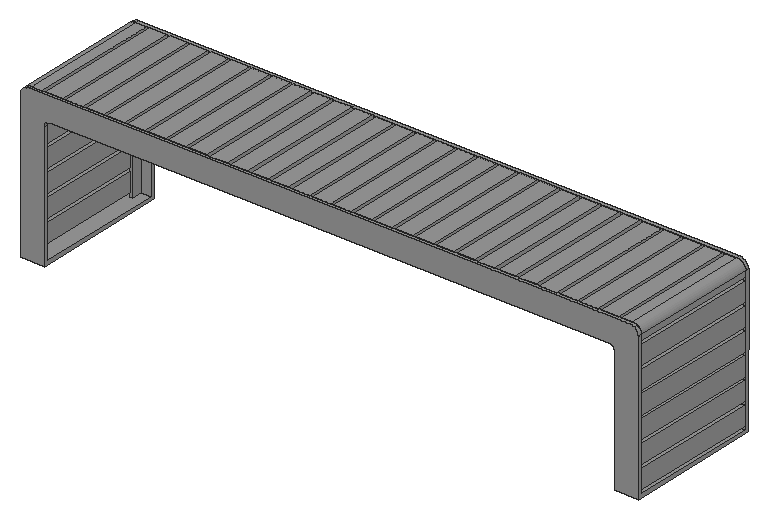
Revit family "Скамейка стальная «Ладья» без спинки Арт 26223", category Антураж, Revit 2018
Family settings
  На основе рабочей плоскости = Нет
  Всегда вертикально = Да
  При загрузке вырезать с полостями = Нет
  Источник визуального образа = Геометрия семейства
  Общий = Нет
  Точка расчета площади = Нет
Parameters (values of type "Скамейка стальная «Ладья» без спинки")
  Ширина = 400 mm  # constant formula
  Цвет сидения = Дерево
  Цвет основания = Сталь
  Описание = "Скамейка стальная «Ладья» без спинки"  # constant formula
  Материал изделия = "Сталь, дерево"  # constant formula
  Изображение типоразмера = Скамейка стальная «Ладья» без спинки Арт 26223.jpg
  Изготовитель = "ООО «Хоббика»"  # constant formula
  Длина = 1800 mm  # constant formula
  Группа модели = "Скамейки"  # constant formula
  Высота = 450 mm  # constant formula
  Артикул товара = "Арт. 26223"  # constant formula
  URL = "https://hobbyka.ru/product/skameyka_stalnaya_ladya_bez_spinki/"
Reference planes
  plane 1 "По центру (Вперед/Назад)": y = 0
  plane 2: z = 0
  plane 3 "По центру (Влево/Вправо)": x = 0
  plane 4: x = 1800
  plane 5: y = 400
  plane 6: z = 450
Forms (mm)
  Extrusion 1, solid, material "Сталь" <- "Цвет основания"
    sketch origin (0, 0, 0) x (1, 0, 0) y (0, 0, 1)
      loop
        line (0, 0) -> (70, 0) -> (70, 365)
        arc (70, 365) -> (74.393, 375.607) -> (85, 380) r 15
        line (85, 380) -> (1715, 380)
        arc (1715, 380) -> (1725.607, 375.607) -> (1730, 365) r 15
        line (1730, 365) -> (1730, 0) -> (1800, 0) -> (1800, 425)
        arc (1800, 425) -> (1792.678, 442.678) -> (1775, 450) r 25
        line (1775, 450) -> (25, 450)
        arc (25, 450) -> (7.322, 442.678) -> (0, 425) r 25
        line (0, 425) -> (0, 0)
    from 0 to -10
  Extrusion 2, solid, material "Сталь" <- "Цвет основания"
    sketch origin (0, 0, 0) x (1, 0, 0) y (0, 0, 1)
      loop
        line (0, 0) -> (70, 0) -> (70, 365)
        arc (70, 365) -> (74.393, 375.607) -> (85, 380) r 15
        line (85, 380) -> (1715, 380)
        arc (1715, 380) -> (1725.607, 375.607) -> (1730, 365) r 15
        line (1730, 365) -> (1730, 0) -> (1800, 0) -> (1800, 425)
        arc (1800, 425) -> (1792.678, 442.678) -> (1775, 450) r 25
        line (1775, 450) -> (25, 450)
        arc (25, 450) -> (7.322, 442.678) -> (0, 425) r 25
        line (0, 425) -> (0, 0)
    from -390 to -400
  Extrusion 3, solid, material "Дерево" <- "Цвет сидения"
    sketch origin (0, 0, 0) x (1, 0, 0) y (0, 0, 1)
      loop
        line (65, 420) -> (115, 420) -> (115, 450) -> (65, 450) -> (65, 420)
      loop
        line (125, 420) -> (175, 420) -> (175, 450) -> (125, 450) -> (125, 420)
      loop
        line (185, 420) -> (235, 420) -> (235, 450) -> (185, 450) -> (185, 420)
      loop
        line (245, 420) -> (295, 420) -> (295, 450) -> (245, 450) -> (245, 420)
      loop
        line (305, 420) -> (355, 420) -> (355, 450) -> (305, 450) -> (305, 420)
      loop
        line (365, 420) -> (415, 420) -> (415, 450) -> (365, 450) -> (365, 420)
      loop
        line (425, 420) -> (475, 420) -> (475, 450) -> (425, 450) -> (425, 420)
      loop
        line (485, 420) -> (535, 420) -> (535, 450) -> (485, 450) -> (485, 420)
      loop
        line (545, 420) -> (595, 420) -> (595, 450) -> (545, 450) -> (545, 420)
      loop
        line (605, 420) -> (655, 420) -> (655, 450) -> (605, 450) -> (605, 420)
      loop
        line (665, 420) -> (715, 420) -> (715, 450) -> (665, 450) -> (665, 420)
      loop
        line (725, 420) -> (775, 420) -> (775, 450) -> (725, 450) -> (725, 420)
      loop
        line (785, 420) -> (835, 420) -> (835, 450) -> (785, 450) -> (785, 420)
      loop
        line (845, 420) -> (895, 420) -> (895, 450) -> (845, 450) -> (845, 420)
      loop
        line (905, 420) -> (955, 420) -> (955, 450) -> (905, 450) -> (905, 420)
      loop
        line (965, 420) -> (1015, 420) -> (1015, 450) -> (965, 450) -> (965, 420)
      loop
        line (1025, 420) -> (1075, 420) -> (1075, 450) -> (1025, 450) -> (1025, 420)
      loop
        line (1085, 420) -> (1135, 420) -> (1135, 450) -> (1085, 450) -> (1085, 420)
      loop
        line (1145, 420) -> (1195, 420) -> (1195, 450) -> (1145, 450) -> (1145, 420)
      loop
        line (1205, 420) -> (1255, 420) -> (1255, 450) -> (1205, 450) -> (1205, 420)
      loop
        line (1265, 420) -> (1315, 420) -> (1315, 450) -> (1265, 450) -> (1265, 420)
      loop
        line (1325, 420) -> (1375, 420) -> (1375, 450) -> (1325, 450) -> (1325, 420)
      loop
        line (1385, 420) -> (1435, 420) -> (1435, 450) -> (1385, 450) -> (1385, 420)
      loop
        line (1445, 420) -> (1495, 420) -> (1495, 450) -> (1445, 450) -> (1445, 420)
      loop
        line (1505, 420) -> (1555, 420) -> (1555, 450) -> (1505, 450) -> (1505, 420)
      loop
        line (1565, 420) -> (1615, 420) -> (1615, 450) -> (1565, 450) -> (1565, 420)
      loop
        line (1625, 420) -> (1675, 420) -> (1675, 450) -> (1625, 450) -> (1625, 420)
      loop
        line (1685, 420) -> (1735, 420) -> (1735, 450) -> (1685, 450) -> (1685, 420)
    from -10 to -390
  Extrusion 4, solid, material "Дерево" <- "Цвет сидения"
    sketch origin (0, 0, 0) x (1, 0, 0) y (0, 0, 1)
      loop
        line (30, 420) -> (55, 420) -> (55, 450) -> (25, 450)
        arc (25, 450) -> (7.322, 442.678) -> (0, 425) r 25
        line (0, 425) -> (0, 410) -> (30, 410) -> (30, 420)
      loop
        line (1745, 420) -> (1770, 420) -> (1770, 410) -> (1800, 410) -> (1800, 425)
        arc (1800, 425) -> (1792.678, 442.678) -> (1775, 450) r 25
        line (1775, 450) -> (1745, 450) -> (1745, 420)
      loop
        line (1800, 400) -> (1770, 400) -> (1770, 345) -> (1800, 345) -> (1800, 400)
      loop
        line (1800, 335) -> (1770, 335) -> (1770, 280) -> (1800, 280) -> (1800, 335)
      loop
        line (1800, 270) -> (1770, 270) -> (1770, 215) -> (1800, 215) -> (1800, 270)
      loop
        line (1800, 205) -> (1770, 205) -> (1770, 150) -> (1800, 150) -> (1800, 205)
      loop
        line (1800, 140) -> (1770, 140) -> (1770, 85) -> (1800, 85) -> (1800, 140)
      loop
        line (1800, 75) -> (1770, 75) -> (1770, 20) -> (1800, 20) -> (1800, 75)
      loop
        line (30, 400) -> (0, 400) -> (0, 345) -> (30, 345) -> (30, 400)
      loop
        line (30, 335) -> (0, 335) -> (0, 280) -> (30, 280) -> (30, 335)
      loop
        line (30, 270) -> (0, 270) -> (0, 215) -> (30, 215) -> (30, 270)
      loop
        line (30, 205) -> (0, 205) -> (0, 150) -> (30, 150) -> (30, 205)
      loop
        line (30, 140) -> (0, 140) -> (0, 85) -> (30, 85) -> (30, 140)
      loop
        line (30, 75) -> (0, 75) -> (0, 20) -> (30, 20) -> (30, 75)
    from -10 to -390
  Extrusion 5, solid, material "Сталь" <- "Цвет основания"
    sketch origin (0, 0, 0) x (1, 0, 0) y (0, 0, 1)
      loop
        line (0, 0) -> (70, 0) -> (70, 10) -> (0, 10) -> (0, 0)
      loop
        line (1730, 0) -> (1800, 0) -> (1800, 10) -> (1730, 10) -> (1730, 0)
    from 0 to -400
  Extrusion 6, solid, material "Сталь" <- "Цвет основания"
    sketch origin (0, 0, 0) x (1, 0, 0) y (0, 0, 1)
      loop
        line (30, 420) -> (30, 10) -> (40, 10) -> (40, 410) -> (1760, 410) -> (1760, 10) -> (1770, 10) -> (1770, 420) -> (30, 420)
    from -10 to -40
  Extrusion 7, solid, material "Сталь" <- "Цвет основания"
    sketch origin (0, 0, 0) x (1, 0, 0) y (0, 0, 1)
      loop
        line (30, 420) -> (30, 10) -> (40, 10) -> (40, 410) -> (1760, 410) -> (1760, 10) -> (1770, 10) -> (1770, 420) -> (30, 420)
    from -360 to -390
Cuts and joins
  joined: Extrusion 1, Extrusion 2, Extrusion 5, Extrusion 6, Extrusion 7
Dimensions and locks
  "Длина": plane 3 "По центру (Влево/Вправо)" to plane 4
  "Ширина": plane 5 to plane 1 "По центру (Вперед/Назад)"
  "Высота": plane 6 to level
  aligned and locked: level to plane 2
Automatic sketch dimensions
  Extrusion 1 sketch curve to plane 3 "По центру (Влево/Вправо)" = 0 mm
  Extrusion 1 sketch curve to plane 6 = 0 mm
  Extrusion 1 sketch curve to level = 0 mm  (x2)
  Extrusion 1 sketch curve to plane 4 = 0 mm
  plane 3 "По центру (Влево/Вправо)" to Extrusion 1 sketch curve = 25 mm
  Extrusion 1 sketch curve to Extrusion 1 sketch curve = 70 mm  (x2)
  Extrusion 1 sketch curve to Extrusion 1 sketch curve = 15 mm
  Extrusion 1 sketch curve to plane 4 = 85 mm
  Extrusion 1 sketch curve to plane 4 = 25 mm
  Extrusion 1 sketch curve to Extrusion 1 sketch curve = 60 mm
  Extrusion 2 sketch curve to plane 3 "По центру (Влево/Вправо)" = 0 mm
  Extrusion 2 sketch curve to plane 6 = 0 mm
  Extrusion 2 sketch curve to level = 0 mm  (x2)
  Extrusion 2 sketch curve to plane 4 = 0 mm
  plane 3 "По центру (Влево/Вправо)" to Extrusion 2 sketch curve = 25 mm
  Extrusion 2 sketch curve to Extrusion 2 sketch curve = 70 mm
  Extrusion 2 sketch curve to Extrusion 2 sketch curve = 15 mm
  Extrusion 2 sketch curve to plane 4 = 85 mm
  Extrusion 2 sketch curve to plane 4 = 70 mm
  Extrusion 2 sketch curve to plane 4 = 25 mm
  Extrusion 2 sketch curve to Extrusion 2 sketch curve = 60 mm
  Extrusion 3 sketch curve to plane 6 = 0 mm  (x28)
  plane 3 "По центру (Влево/Вправо)" to Extrusion 3 sketch curve = 65 mm
  Extrusion 3 sketch curve to Extrusion 3 sketch curve = 50 mm  (x28)
  Extrusion 3 sketch curve to Extrusion 3 sketch curve = 10 mm  (x27)
  Extrusion 3 sketch curve to Extrusion 3 sketch curve = 30 mm
  Extrusion 3 sketch curve to Extrusion 3 sketch curve = 0 mm  (x27)
  Extrusion 4 sketch curve to plane 3 "По центру (Влево/Вправо)" = 0 mm  (x7)
  Extrusion 4 sketch curve to plane 6 = 0 mm  (x2)
  Extrusion 4 sketch curve to plane 4 = 0 mm  (x7)
  plane 3 "По центру (Влево/Вправо)" to Extrusion 4 sketch curve = 25 mm
  Extrusion 4 sketch curve to Extrusion 4 sketch curve = 30 mm  (x3)
  Extrusion 4 sketch curve to Extrusion 4 sketch curve = 0 mm  (x10)
  Extrusion 4 sketch curve to Extrusion 4 sketch curve = 5 mm  (x2)
  Extrusion 4 sketch curve to plane 4 = 55 mm
  Extrusion 4 sketch curve to plane 4 = 30 mm
  Extrusion 4 sketch curve to Extrusion 4 sketch curve = 25 mm
  Extrusion 4 sketch curve to plane 4 = 25 mm
  Extrusion 4 sketch curve to Extrusion 4 sketch curve = 10 mm  (x13)
  Extrusion 4 sketch curve to Extrusion 4 sketch curve = 15 mm
  Extrusion 4 sketch curve to Extrusion 4 sketch curve = 55 mm  (x10)
  level to Extrusion 4 sketch curve = 20 mm  (x2)
  Extrusion 5 sketch curve to plane 3 "По центру (Влево/Вправо)" = 0 mm
  Extrusion 5 sketch curve to level = 0 mm  (x2)
  Extrusion 5 sketch curve to plane 4 = 0 mm
  level to Extrusion 5 sketch curve = 10 mm  (x2)
  plane 3 "По центру (Влево/Вправо)" to Extrusion 5 sketch curve = 70 mm
  Extrusion 5 sketch curve to Extrusion 5 sketch curve = 70 mm
  plane 3 "По центру (Влево/Вправо)" to Extrusion 6 sketch curve = 30 mm
  Extrusion 6 sketch curve to Extrusion 6 sketch curve = 10 mm  (x3)
  level to Extrusion 6 sketch curve = 10 mm  (x2)
  Extrusion 6 sketch curve to plane 4 = 40 mm
  Extrusion 6 sketch curve to plane 6 = 40 mm
  plane 3 "По центру (Влево/Вправо)" to Extrusion 7 sketch curve = 30 mm
  Extrusion 7 sketch curve to Extrusion 7 sketch curve = 10 mm  (x3)
  level to Extrusion 7 sketch curve = 10 mm  (x2)
  Extrusion 7 sketch curve to plane 4 = 40 mm
  Extrusion 7 sketch curve to plane 6 = 40 mm
